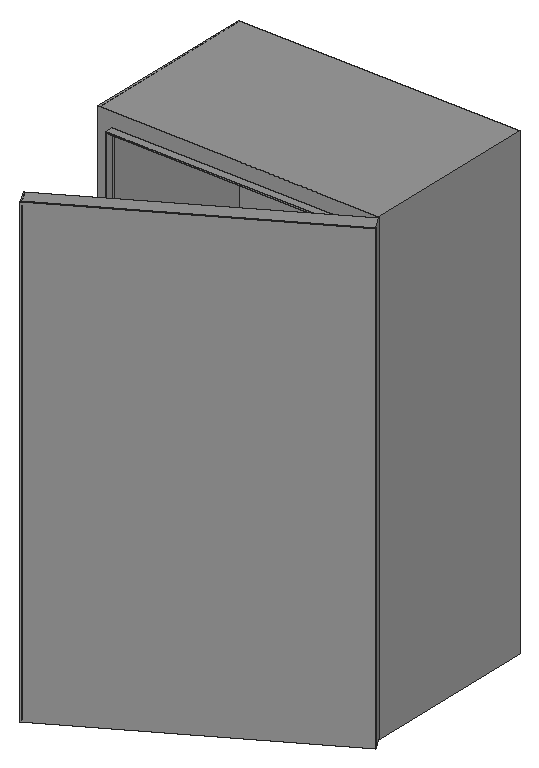
Revit family "Hager-Univers-IP44-D205-Cl.I-enclosure_metering-NoHosted-CH-fr", category Electrical Equipment, Revit 2020
Family settings
  Panel Configuration = Two Columns, Circuits Across
  Round Connector Dimension = Use Diameter
  Part Type = Panelboard
  Work Plane-Based = Yes
  Always vertical = Yes
  Cut with Voids When Loaded = No
  Shared = No
  Room Calculation Point = No
Parameters (values of type "saillie IP44 L300 H500 P205  - ZB011T")
  Width Control [instance] = if([EF000008 - largeur] > Min Width, [EF000008 - largeur], Min Width)  # 300 mm
  Type Comments = [HG000003 - Gamme]  # "Univers"
  Thickness Door [instance] = if([EF009171 - épaisseur de matériau de la porte/du couvercle] > 3 mm, 3 mm, [EF009171 - épaisseur de matériau de la porte/du couvercle])  # 1 mm
  Seal Frame Offset [instance] = 17 mm  # constant formula
  Plinth Visibility [instance] = [HG000027 - Hauteur du socle] > 0 mm  # no
  Min Width [instance] = 100 mm  # constant formula
  Min Depth [instance] = (2 * [EF009170 - épaisseur de matériau du boîtier]) + 1 mm  # 3 mm
  Min Height [instance] = 100 mm  # constant formula
  Internal Frame Depth [instance] = (Door System Depth * 0.5)  # 9 mm
  Panel Name [instance] = ""  # (empty or 0)
  Model = ""
  HG000027 - Hauteur du socle = 0 mm
  HG000026 - Installation au sol = no
  HG000024 - Hauteur de la section basse = 600 mm
  HG000023 - Armoire double section = no
  HG000016 - Visibilité de la porte 3D [instance] = yes
  HG000015 - Visibilité de l'emprise de la porte [instance] = no
  HG000014 - Porte à droite [instance] = yes
  HG000013 - Porte à gauche [instance] = not([HG000014 - Porte à droite])  # no
  HG000012 - Angle de pivotement de la porte [instance] = 30.00°
  HG000010 - Portes asymétriques = no
  HG000009 - Porte à double battant = no
  HG000006 - Encastré = no
  HG000004 - Référence fabricant = "ZB011T"
  HG000003 - Gamme = "Univers"
  HG000002 - avec porte = yes
  Frame Offset Bottom [instance] = 10 mm  # constant formula
  Frame Offset [instance] = 15 mm  # constant formula
  EF015940 - couvercle avec décharge de pression = no
  EF011959 - degré de protection (NEMA) = ""
  EF009554 - nombre d'ouvertures pour plaques à bride = 0
  EF009212 - finition du couvercle = "EV000116 - fermé"
  EF009171 - épaisseur de matériau de la porte/du couvercle = 1 mm
  EF009170 - épaisseur de matériau du boîtier = 1 mm
  EF008873 - courant nominal (In) = 250 A
  EF007800 - adapté à un parafoudre = no
  EF006306 - avec serrure = no
  EF006244 - couvercle/porte transparent(e) = no
  EF005474 - indice de protection (IP) = "EV006418 - IP44"
  EF004464 - type de porte = "EV002646 - unique"
  EF004427 - nombre de modules = 48
  EF004293 - indice de protection contre les chocs (IK) = "EV006815 - IK09"
  EF003532 - convient pour utilisation à l’extérieur = no
  EF002950 - largeur en nombre de modules = 0
  EF001613 - maintien de fonction = "EV000494 - sans"
  EF001596 - matériau du boîtier/corps = "EV000179 - acier"
  EF001131 - profondeur intérieure = 0 mm
  EF001088 - possibilité de montage en saillie = yes
  EF000437 - nombre d'entrées de conduit = 0
  EF000339 - type de capot = "EV004216 - porte"
  EF000266 - nombre de rangées = 4
  EF000218 - profondeur d'encastrement = 0 mm
  EF000118 - avec cadre/support de montage = no
  EF000116 - numéro RAL = "9010"
  EF000049 - profondeur = 205 mm
  EF000040 - hauteur = 500 mm
  EF000008 - largeur = 300 mm
  EF000007 - couleur = "EV000202 - blanc"
  EF000003 - mode de pose = "EV000384 - saillie"
  Door System Leaf Tolerance [instance] = 1.5 mm  # constant formula
  Door System Depth [instance] = 18 mm  # constant formula
  Door Height [instance] = Height Control - [HG000027 - Hauteur du socle]  # 500 mm
  Description = ""
  Default Elevation = 1219.2 mm
  Connector Offset [instance] = Height Control / 2  # 250 mm
  Manufacturer = "Hager"  # constant formula
  Height Control [instance] = if([EF000040 - hauteur] > Min Height, [EF000040 - hauteur], Min Height)  # 500 mm
  Depth Control [instance] = if([EF000049 - profondeur] > Min Depth, [EF000049 - profondeur], Min Depth)  # 205 mm
  Bottom Top Plate Trim [instance] = 1.5 mm  # constant formula
  Plinth height Ctrl [instance] = if([HG000027 - Hauteur du socle] > 0 mm, [HG000027 - Hauteur du socle], 12 mm)  # 12 mm
Types (3, lengths in mm): name | Width Control | HG000004 - Référence fabricant | EF004464 - type de porte | EF004427 - nombre de modules | EF000266 - nombre de rangées | EF000008 - largeur
  saillie IP44 L1050 H500 P205  - ZB014T | 1050 | "ZB014T" | "EV003602 - double" | 144 | 0 | 1050
  saillie IP44 L1300 H500 P205  - ZB015T | 1300 | "ZB015T" | "EV003602 - double" | 180 | 0 | 1300
  saillie IP44 L300 H500 P205  - ZB011T | 300 | "ZB011T" | "EV002646 - unique" | 48 | 4 | 300
Reference planes
  plane 1 "Center (Front/Back)": y = 0
  plane 2: z = 0
  plane 3 "Center (Left/Right)": x = 0
  plane 4: y = 0
  plane 5: y = 0
  plane 6: z = 0
  plane 7: x = -150
  plane 8: x = 150
  plane 9: x = 149
  plane 10: x = -149
  plane 11: z = 0
  plane 12: z = 1
  plane 13: y = -205
  plane 14: y = -1
  plane 15: x = 0
  plane 16: y = -187
  plane 17: y = -204
  plane 18: y = -186
  plane 19: x = -134
  plane 20: x = 134
  plane 21: z = 11
  plane 22: x = -133
  plane 23: x = 133
  plane 24: z = 0
  plane 25: z = 500
  plane 26: z = 500
  plane 27: z = 484
  plane 28: z = 499
Forms (mm)
  Extrusion 1, solid, material "Hager_Steel_RAL7035_Light_Grey", detail levels medium+fine
    sketch origin (-208.679, -4572, 0) x (-1, 0, 0) y (0, -1, 0)
      loop
        line (-58.679, -4385) -> (-358.679, -4385) -> (-358.679, -4572) -> (-58.679, -4572) -> (-58.679, -4385)
    from 0 to 500
  Extrusion 2, void
    sketch origin (-350.771, -205, 1219.2) x (1, 0, 0) y (0, 0, 1)
      loop
        line (201.771, -720.2) -> (201.771, -1218.2) -> (499.771, -1218.2) -> (499.771, -720.2) -> (201.771, -720.2)
    from -19 to -204
  Extrusion 3, void
    sketch origin (-290.084, -187, 1219.2) x (1, 0, 0) y (0, 0, 1)
      loop
        line (156.084, -1208.2) -> (424.084, -1208.2) -> (424.084, -735.2) -> (156.084, -735.2) -> (156.084, -1208.2)
    from 0 to -1
  Extrusion 4, solid, material "Hager_Steel_RAL7035_Light_Grey", visible <- "Plinth Visibility", detail levels medium+fine
    sketch origin (0, 0, 0) x (1, 0, 0) y (0, 1, 0)
      loop
        line (-150, 0) -> (-150, -187) -> (150, -187) -> (150, 0) -> (-150, 0)
    from 0 to 12 <- "Plinth height Ctrl"
  Extrusion 5, solid, material "Hager_Steel_RAL7035_Light_Grey", detail levels coarse
    sketch origin (0, 0, 0) x (1, 0, 0) y (0, 1, 0)
      loop
        line (-150, 0) -> (-150, -205) -> (150, -205) -> (150, 0) -> (-150, 0)
    from 0 to 500 <- "Height Control"
  Sweep 6, void
    path in 3D
      loop
        line (-150, -187, 12) -> (150, -187, 12) -> (150, 0, 12) -> (-150, 0, 12) -> (-150, -187, 12)
    profile origin (-150, -93.5, 12) x (1, 0, 0) y (0, 0, 1)
      loop
        line (0, 0) -> (0, -1.5) -> (1.5, -1.5)
        arc (1.5, -1.5) -> (1.061, -0.439) -> (0, 0) r 1.5
  Extrusion 7, solid, material "Hager_Steel_RAL7035_Light_Grey", detail levels fine
    sketch origin (-150, -187, 0) x (1, 0, 0) y (0, 0, 1)
      loop
        line (16, 11) -> (284, 11) -> (284, 484) -> (16, 484) -> (16, 11)
      loop
        line (15, 10) -> (285, 10) -> (285, 485) -> (15, 485) -> (15, 10)
    from 0 to 9 <- "Internal Frame Depth"
Cuts and joins
  Extrusion 2, Extrusion 3 cuts Extrusion 1
  Sweep 6 cuts Extrusion 4
Lines and regions (mm)
  Masking region 1
    outline origin (0, 0, 0) x (1, 0, 0) y (0, 1, 0)
      loop
        line (-150, 0) -> (-150, -205) -> (150, -205) -> (150, 0) -> (-150, 0)
  Masking region 2, detail levels coarse
    outline origin (-290.084, -187, 1219.2) x (-1, 0, 0) y (0, 0, 1)
      loop
        line (-440.084, -1219.2) -> (-140.084, -1219.2) -> (-140.084, -719.2) -> (-440.084, -719.2) -> (-440.084, -1219.2)
  Masking region 3, detail levels coarse
    outline origin (0, 0, 0) x (0, 1, 0) y (0, 0, 1)
      loop
        line (0, 0) -> (0, 500) -> (-205, 500) -> (-205, 0) -> (0, 0)
  Masking region 4, visible <- "Plinth Visibility", detail levels medium+fine
    outline origin (0, 0, 0) x (0, 1, 0) y (0, 0, 1)
      loop
        line (-1.5, 12) -> (-185.5, 12)
        arc (-185.5, 12) -> (-185.939, 10.939) -> (-187, 10.5) r 1.5
        line (-187, 10.5) -> (-187, 0) -> (0, 0) -> (0, 10.5)
        arc (0, 10.5) -> (-1.061, 10.939) -> (-1.5, 12) r 1.5
  Masking region 5, detail levels medium+fine
    outline origin (0, 0, 594.038) x (0, 1, 0) y (0, 0, 1)
      loop
        line (0, -594.038) -> (0, -94.038) -> (-187, -94.038) -> (-187, -594.038) -> (0, -594.038)
  Masking region 6, detail levels medium+fine
    outline origin (-359.7, -187, 1211.883) x (-1, 0, 0) y (0, 0, 1)
      loop
        line (-509.7, -1211.883) -> (-209.7, -1211.883) -> (-209.7, -711.883) -> (-509.7, -711.883) -> (-509.7, -1211.883)
  Masking region 7, visible <- "Plinth Visibility", detail levels medium+fine
    outline origin (-320.334, -187, 1041.368) x (-1, 0, 0) y (0, 0, 1)
      loop
        line (-470.334, -1041.368) -> (-170.334, -1041.368) -> (-170.334, -1030.868)
        arc (-170.334, -1030.868) -> (-171.394, -1030.429) -> (-171.834, -1029.368) r 1.5
        line (-171.834, -1029.368) -> (-468.834, -1029.368)
        arc (-468.834, -1029.368) -> (-469.273, -1030.429) -> (-470.334, -1030.868) r 1.5
        line (-470.334, -1030.868) -> (-470.334, -1041.368)
  sketch lines
    curve 1: line (-150, 0, 12) -> (-150, -187, 12)
    curve 2: line (-150, -187, 12) -> (150, -187, 12)
    curve 3: line (150, 0, 12) -> (-150, 0, 12)
    curve 4: line (150, -187, 12) -> (150, 0, 12)
Dimensions and locks
  locked: plane 1 "Center (Front/Back)" to plane 5
  "EF009170 - épaisseur de matériau du boîtier": plane 7 to plane 10
  "EF009170 - épaisseur de matériau du boîtier": plane 8 to plane 9
  equal spacing: plane 7, plane 3 "Center (Left/Right)", plane 8
  "Width Control": plane 7 to plane 8
  "Depth Control": plane 4 to plane 13
  "EF009170 - épaisseur de matériau du boîtier": plane 4 to plane 14
  "Height Control": plane 25 to level
  "HG000027 - Hauteur du socle": plane 11 to level
  "EF009170 - épaisseur de matériau du boîtier": plane 12 to plane 11
  "EF009170 - épaisseur de matériau du boîtier": plane 17 to plane 13
  "EF009170 - épaisseur de matériau du boîtier": plane 18 to plane 16
  "Frame Offset Bottom": plane 21 to plane 12
  "Frame Offset": plane 10 to plane 19
  "Frame Offset": plane 9 to plane 20
  "Door System Depth": plane 16 to plane 13
  "Seal Frame Offset": plane 7 to plane 22
  "Seal Frame Offset": plane 8 to plane 23
  "EF009170 - épaisseur de matériau du boîtier": plane 26 to plane 28
  "Frame Offset": plane 28 to plane 27
  "Connector Offset": plane 2 to connector elem
  "Bottom Top Plate Trim": profile plane to Sweep 6 sketch curve
  "Bottom Top Plate Trim": Sweep 6 sketch curve to Sweep 6 sketch curve
  "Plinth height Ctrl": Masking region 4 sketch curve to level
  "Plinth height Ctrl": Masking region 7 sketch curve to level
  "Thickness Door": Extrusion 7 sketch curve to Extrusion 7 sketch curve  (x4)
  "Bottom Top Plate Trim": radius of Sweep 6 sketch curve
  "Bottom Top Plate Trim": radius of Masking region 4 sketch curve  (x2)
  "Bottom Top Plate Trim": radius of Masking region 7 sketch curve  (x2)
  aligned and locked: plane 12 to Extrusion 2 sketch curve
  aligned and locked: Extrusion 2 sketch curve to plane 9
  aligned and locked: Extrusion 2 sketch curve to plane 10
  aligned and locked: plane 14 to Extrusion 2
  aligned and locked: plane 4 to Extrusion 1 sketch curve
  aligned and locked: plane 8 to Extrusion 1 sketch curve
  aligned and locked: plane 7 to Extrusion 1 sketch curve
  aligned and locked: Extrusion 2 to plane 18
  aligned and locked: plane 19 to Extrusion 3 sketch curve
  aligned and locked: plane 20 to Extrusion 3 sketch curve
  aligned and locked: Extrusion 3 to Extrusion 2
  aligned and locked: Extrusion 3 sketch curve to plane 21
  aligned and locked: plane 3 "Center (Left/Right)" to nested 1
  aligned and locked: Extrusion 1 sketch curve to plane 16
  aligned and locked: Extrusion 4 sketch curve to cut or joined group of Extrusion 1, Extrusion 2, Extrusion 3
  aligned and locked: Masking region 1 sketch curve to plane 7
  aligned and locked: Masking region 1 sketch curve to plane 5
  aligned and locked: Masking region 1 sketch curve to plane 8
  aligned and locked: Masking region 2 sketch curve to level
  aligned and locked: level to Masking region 3 sketch curve
  aligned and locked: plane 1 "Center (Front/Back)" to Masking region 3 sketch curve
  aligned and locked: plane 13 to Masking region 3 sketch curve
  aligned and locked: plane 5 to Masking region 4 sketch curve
  aligned and locked: Masking region 2 sketch curve to plane 8
  aligned and locked: Masking region 2 sketch curve to plane 7
  aligned and locked: plane 7 to nested 2
  aligned and locked: nested 2 to plane 5
  aligned and locked: plane 5 to Masking region 5 sketch curve
  aligned and locked: plane 26 to Masking region 5 sketch curve
  aligned and locked: Extrusion 5 sketch curve to plane 8
  aligned and locked: Extrusion 5 sketch curve to plane 7
  aligned and locked: Extrusion 5 sketch curve to plane 5
  aligned and locked: plane 27 to Extrusion 3 sketch curve
  aligned and locked: Extrusion 2 sketch curve to plane 28
  aligned and locked: Masking region 2 to plane 25
  aligned and locked: Extrusion 4 to plane 16
  aligned and locked: profile plane to Sweep 6 sketch curve
  aligned and locked: Masking region 5 sketch curve to plane 24
  aligned and locked: level to Masking region 4 sketch curve
  aligned and locked: Masking region 1 to plane 13
  aligned and locked: nested 1 to plane 16
  aligned and locked: Masking region 3 to plane 25
  aligned and locked: plane 16 to Masking region 4 sketch curve
  aligned and locked: Masking region 5 sketch curve to plane 16
  aligned and locked: plane 24 to plane 11
  aligned and locked: plane 26 to plane 25
  aligned and locked: plane 26 to cut or joined group of Extrusion 1, Extrusion 2, Extrusion 3
  aligned and locked: nested 1 to plane 24
  aligned and locked: Extrusion 1 to Extrusion 3
  aligned and locked: Masking region 6 sketch curve to plane 8
  aligned and locked: plane 24 to Masking region 6 sketch curve
  aligned and locked: Masking region 6 sketch curve to plane 7
  aligned and locked: Masking region 6 sketch curve to plane 26
  aligned and locked: Masking region 7 sketch curve to plane 7
  aligned and locked: level to Masking region 7 sketch curve
  aligned and locked: Masking region 7 sketch curve to plane 8
  aligned and locked: Extrusion 7 sketch curve to cut or joined group of Extrusion 1, Extrusion 2, Extrusion 3  (x4)
Automatic sketch dimensions
  plane 19 to Extrusion 3 sketch curve = 0 mm
  Extrusion 3 sketch curve to plane 20 = 0 mm
  Extrusion 3 sketch curve to plane 21 = 0 mm
  Extrusion 4 sketch curve to plane 7 = 0 mm
  Extrusion 4 sketch curve to plane 8 = 0 mm
  Extrusion 4 sketch curve to plane 16 = 0 mm
  Masking region 1 sketch curve to plane 13 = 0 mm
  Masking region 2 sketch curve to plane 25 = 0 mm
  Masking region 3 sketch curve to plane 25 = 0 mm
  Extrusion 5 sketch curve to plane 13 = 0 mm
  profile plane to Sweep 6 sketch curve = 0 mm
Nested families
  nested 1: "EC000058_Univers_Door" at (0, -187, 0), Double <- "HG000009 - Porte à double battant", Transparent <- "EF006244 - couvercle/porte transparent(e)", Angle <- "HG000012 - Angle de pivotement de la porte", Door_Right <- "HG000014 - Porte à droite", Assymetrical <- "HG000010 - Portes asymétriques", Door <- "HG000002 - avec porte", Width_Ctrl <- "Width Control", 3d_Door <- "HG000016 - Visibilité de la porte 3D", Clearance <- "HG000015 - Visibilité de l'emprise de la porte", Door_Left <- "HG000013 - Porte à gauche", Width <- "Width Control", Door_Depth <- "Door System Depth", Leaf_Tolerance <- "Door System Leaf Tolerance", Height <- "Door Height", Lock_Visibility <- "EF006306 - avec serrure", Thickness <- "Thickness Door", type "EC000058_Univers_Door", detail levels medium+fine
    with min_wh 3 mm, Width_Ctrl 300 mm, Width 300 mm, Transparent no, Thickness 1 mm, Seal_Material Hager_Rubber, Lock_Visibility no, Lock_Material Hager_Plastic_RAL9005_Jet_Black, Leaf_Width 300 mm, Leaf_Tolerance_External_Sides 0 mm, Leaf_Tolerance 1.5 mm, Leaf_Offset 0 mm, Leaf_Height 497 mm, Leaf_2_Width 300 mm, Leaf_2_Offset 150 mm, Leaf_1_Width 300 mm, Leaf_1_Offset 150 mm, Height_Ctrl 500 mm, Height 500 mm, Glass_Material Hager_Glass, Double_Clearance_Ctrl no, Double no, Door_Right_Ctrl yes, Door_Right yes, Door_Material Hager_Steel_RAL7035_Light_Grey, Door_Left_Ctrl no, Door_Left no, Door_Depth 18 mm, Door yes, Clearance_Material Hager_Clearance, Clearance_Depth 300 mm, Clearance_Ctrl no, Clearance no, Assymetrical no, Angle 30.00°, 3d_Door yes
  nested 2: "Hager_Enclosure_Symbol" at (-150, 0, 0), Height <- "Depth Control", Width <- "Width Control", type "Hager_Enclosure_Symbol"
    with Width_Ctrl 300 mm, Width 300 mm, Height_Ctrl 205 mm, Height 205 mm, A_Width_Int 13.453 mm, A_Width 161.438 mm, A_Height_Ctrl 179.375 mm, A_Height 179.375 mm
Connectors
  electrical at (0, 0, 250)
    settings: on plane 1 "Center (Front/Back)", index 1, voltage 0 V, apparent load 0 VA, apparent load phase1 0 VA, apparent load phase2 0 VA, apparent load phase3 0 VA, power factor 1, load classification "Other", number of poles 1, system type 30, power factor state 1, is connector primary yes, connector utility no, sub classification motor no, connector description ""
Definition of nested family "EC000058_Univers_Door"
  Parameters (values of type "EC000058_Univers_Door")
    min_wh [instance] = (2 * Thickness) + 1 mm  # 11 mm
    Width_Ctrl [instance] = 400 mm
    Width [instance] = 500 mm
    Transparent [instance] = yes
    Thickness [instance] = 5 mm
    Seal_Material [instance] = none
    Lock_Visibility [instance] = yes
    Lock_Material [instance] = none
    Leaf_Width [instance] = if((Width_Ctrl - 2 * Leaf_Tolerance_External_Sides) > 0 mm, (Width_Ctrl - 2 * Leaf_Tolerance_External_Sides), min_wh)  # 400 mm
    Leaf_Tolerance_External_Sides [instance] = 0 mm  # constant formula
    Leaf_Tolerance [instance] = 1.5 mm
    Leaf_Offset [instance] = 0 mm  # constant formula
    Leaf_Height [instance] = if((Height_Ctrl - 2 * Leaf_Tolerance) > 0 mm, (Height_Ctrl - 2 * Leaf_Tolerance), min_wh)  # 497 mm
    Leaf_2_Width [instance] = if(and(and(Double, Assymetrical), Door_Left), (Leaf_Width / 3) - (Leaf_Tolerance / 2), if(and(and(Double, Assymetrical), Door_Right), (Leaf_Width / 3) * 2 - (Leaf_Tolerance / 2), if(and(Double, not(Assymetrical)), (Leaf_Width / 2) - Leaf_Tolerance, Leaf_Width)))  # 400 mm
    Leaf_2_Offset [instance] = if(and(Double, Assymetrical), Leaf_2_Width / 2, if(and(Double, not(Assymetrical)), Leaf_Width / 4, Leaf_Width / 2))  # 200 mm
    Leaf_1_Width [instance] = if(and(and(Double, Assymetrical), Door_Right), (Leaf_Width / 3) - (Leaf_Tolerance / 2), if(and(and(Double, Assymetrical), Door_Left), (Width / 3) * 2 - (Leaf_Tolerance / 2), if(and(Double, not(Assymetrical)), (Leaf_Width / 2) - Leaf_Tolerance, Leaf_Width)))  # 400 mm
    Leaf_1_Offset [instance] = if(and(Double, Assymetrical), Leaf_1_Width / 2, if(and(Double, not(Assymetrical)), Leaf_Width / 4, Leaf_Width / 2))  # 200 mm
    Height_Ctrl [instance] = if(Height > min_wh, Height, min_wh)  # 500 mm
    Height [instance] = 500 mm
    Glass_Material [instance] = none
    Double_Clearance_Ctrl [instance] = and(Double, Clearance)  # no
    Double [instance] = no
    Door_Right_Ctrl [instance] = and(or(Door_Right, Double), Door)  # yes
    Door_Right [instance] = yes
    Door_Material [instance] = none
    Door_Left_Ctrl [instance] = and(or(Door_Left, Double), Door)  # no
    Door_Left [instance] = no
    Door_Depth [instance] = 30 mm
    Door [instance] = yes
    Default Elevation = 1219.2 mm
    Clearance_Material [instance] = none
    Clearance_Depth [instance] = if(Leaf_1_Width > Leaf_2_Width, Leaf_1_Width, Leaf_2_Width)  # 400 mm
    Clearance_Ctrl [instance] = and(not(Double), Clearance)  # yes
    Clearance [instance] = yes
    Assymetrical [instance] = yes
    Angle [instance] = 30.00°
    3d_Door [instance] = yes
  Reference planes
    plane 1 "Center (Front/Back)": y = 0
    plane 2 "Bottom": z = 0
    plane 3 "Center (Left/Right)": x = 0
    plane 4: z = 500
    plane 5: x = -200
    plane 6: x = 200
    plane 7: z = 500
    plane 8: x = -200
    plane 9: z = 0
    plane 10: x = 200
    plane 11: y = 0
    plane 12: z = 1.5
    plane 13: x = -600
    plane 14: y = -400
    plane 15: x = 600
    plane 16: x = 0
    plane 17: x = 0
    plane 18: x = -200
    plane 19: x = 200
    plane 20: z = 498.5
  Forms (mm)
    Extrusion 1, solid, material <- "Clearance_Material", visible <- "Double_Clearance_Ctrl"
      sketch origin (1200, 0, 0) x (1, 0, 0) y (0, 0, -1)
        loop
          line (-1800, -498.5) -> (-600, -498.5) -> (-600, 0) -> (-1800, 0) -> (-1800, -498.5)
      from 0 to -400
  Dimensions and locks
    equal spacing: plane 5, plane 3 "Center (Left/Right)", plane 6
    "Width_Ctrl": plane 5 to plane 6
    "Leaf_Offset": plane 5 to plane 8
    "Leaf_Offset": plane 6 to plane 10
    "Leaf_Offset": plane 9 to level
    "Leaf_Offset": plane 4 to plane 7
    "Height_Ctrl": plane 4 to level
    "Leaf_Tolerance": plane 12 to plane 9
    locked: plane 11 to plane 1 "Center (Front/Back)"
    "Leaf_1_Offset": plane 18 to plane 16
    "Leaf_2_Offset": plane 17 to plane 19
    "Leaf_1_Width": plane 13 to plane 8
    "Leaf_2_Width": plane 10 to plane 15
    "Clearance_Depth": plane 14 to plane 1 "Center (Front/Back)"
    "Leaf_Tolerance_External_Sides": plane 8 to plane 18
    "Leaf_Tolerance_External_Sides": plane 19 to plane 10
    "Leaf_Tolerance": plane 7 to plane 20
    aligned and locked: level to plane 2 "Bottom"
    aligned and locked: nested 1 to plane 16
    aligned and locked: nested 2 to plane 17
    aligned and locked: Extrusion 1 to plane 13
    aligned and locked: plane 15 to Extrusion 1
    aligned and locked: Extrusion 1 to plane 14
    aligned and locked: plane 12 to nested 1
    aligned and locked: nested 2 to plane 12
    aligned and locked: Extrusion 1 to plane 11
    aligned and locked: plane 20 to Extrusion 1
    aligned and locked: nested 2 to plane 11
    aligned and locked: nested 1 to plane 11
  Automatic sketch dimensions
    Extrusion 1 sketch curve to level = 0 mm
    plane 5 to Extrusion 1 sketch curve = 400 mm
    plane 6 to Extrusion 1 sketch curve = 400 mm
    Extrusion 1 sketch curve to plane 4 = 1.5 mm
  Nested families
    nested 1: "EC000058_Univers_Door_Leaf" at (0, 0, 1.5), Width <- "Leaf_1_Width", visible <- "Door_Left_Ctrl", Leaf_Height <- "Leaf_Height", Angle <- "Angle", 3d_Door <- "3d_Door", Transparent <- "Transparent", Clearance Material <- "Clearance_Material", Clearance <- "Clearance_Ctrl", Door_Material <- "Door_Material", Glass_Material <- "Glass_Material", Door_Depth <- "Door_Depth", Lock_Material <- "Lock_Material", Seal_Material <- "Seal_Material", Lock_Visibility <- "Lock_Visibility", Thickness <- "Thickness", type "EC000058_Univers_Door_Leaf"
      with Width 400 mm, Transparent_Glass_Offset 30 mm, Transparent_Ctrl yes, Transparent yes, Thickness 5 mm, Standard no, Seal_Material none, Seal_D2 8 mm, Seal_D1 1 mm, Offset_Internal_Frame 10 mm, Lock_Width 20 mm, Lock_Visibility_3d yes, Lock_Visibility yes, Lock_Thickness_3 3 mm, Lock_Thickness_2 1 mm, Lock_Thickness_1 3 mm, Lock_Radius_Offset_2 16 mm, Lock_Radius_Offset_1 15 mm, Lock_Radius_2 5 mm, Lock_Radius 6 mm, Lock_Offset 5 mm, Lock_Material none, Lock_Height 80 mm, Lock_Cover_Top_Offset_2d 17 mm, Lock_Cover_Height -65 mm, Leaf_Height 497 mm, Internal_Seal_Thickness 8 mm, Internal_Seal_Depth_2 4.5 mm, Internal_Frame_Depth 25 mm, Glass_Thickness -1 mm, Glass_Offset -2 mm, Glass_Material none, Door_Material none, Door_Depth 30 mm, Clearance Material none, Clearance yes, Angle_Ctrl 30.00°, Angle 30.00°, 3d_Door yes
    nested 2: "EC000058_Univers_Door_Leaf" at (0, 0, 1.5) x (-1, 0, 0) z (0, 0, 1), Width <- "Leaf_2_Width", visible <- "Door_Right_Ctrl", Leaf_Height <- "Leaf_Height", Angle <- "Angle", 3d_Door <- "3d_Door", Transparent <- "Transparent", Clearance Material <- "Clearance_Material", Clearance <- "Clearance_Ctrl", Door_Material <- "Door_Material", Glass_Material <- "Glass_Material", Door_Depth <- "Door_Depth", Lock_Material <- "Lock_Material", Seal_Material <- "Seal_Material", Lock_Visibility <- "Lock_Visibility", Thickness <- "Thickness", type "EC000058_Univers_Door_Leaf"
      with Width 400 mm, Transparent_Glass_Offset 30 mm, Transparent_Ctrl yes, Transparent yes, Thickness 5 mm, Standard no, Seal_Material none, Seal_D2 8 mm, Seal_D1 1 mm, Offset_Internal_Frame 10 mm, Lock_Width 20 mm, Lock_Visibility_3d yes, Lock_Visibility yes, Lock_Thickness_3 3 mm, Lock_Thickness_2 1 mm, Lock_Thickness_1 3 mm, Lock_Radius_Offset_2 16 mm, Lock_Radius_Offset_1 15 mm, Lock_Radius_2 5 mm, Lock_Radius 6 mm, Lock_Offset 5 mm, Lock_Material none, Lock_Height 80 mm, Lock_Cover_Top_Offset_2d 17 mm, Lock_Cover_Height -65 mm, Leaf_Height 497 mm, Internal_Seal_Thickness 8 mm, Internal_Seal_Depth_2 4.5 mm, Internal_Frame_Depth 25 mm, Glass_Thickness -1 mm, Glass_Offset -2 mm, Glass_Material none, Door_Material none, Door_Depth 30 mm, Clearance Material none, Clearance yes, Angle_Ctrl 30.00°, Angle 30.00°, 3d_Door yes
  Definition of nested family "EC000058_Univers_Door_Leaf"
    Parameters (values of type "EC000058_Univers_Door_Leaf")
      Width [instance] = 2000 mm
      Transparent_Glass_Offset [instance] = 30 mm
      Transparent_Ctrl [instance] = and(Transparent, [3d_Door])  # yes
      Transparent [instance] = yes
      Thickness [instance] = 5 mm
      Standard [instance] = and(not(Transparent), [3d_Door])  # no
      Seal_Material [instance] = none
      Seal_D2 [instance] = 8 mm  # constant formula
      Seal_D1 [instance] = 1 mm  # constant formula
      Offset_Internal_Frame [instance] = 10 mm  # constant formula
      Lock_Width [instance] = 20 mm  # constant formula
      Lock_Visibility_3d [instance] = and(Lock_Visibility, [3d_Door])  # yes
      Lock_Visibility [instance] = yes
      Lock_Thickness_3 [instance] = 3 mm  # constant formula
      Lock_Thickness_2 [instance] = 1 mm  # constant formula
      Lock_Thickness_1 [instance] = 3 mm  # constant formula
      Lock_Radius_Offset_2 [instance] = Lock_Radius_Offset_1 + 1 mm  # 16 mm
      Lock_Radius_Offset_1 [instance] = 15 mm  # constant formula
      Lock_Radius_2 [instance] = Lock_Radius - 1 mm  # 5 mm
      Lock_Radius [instance] = 6 mm  # constant formula
      Lock_Offset [instance] = 5 mm  # constant formula
      Lock_Material [instance] = none
      Lock_Height [instance] = 80 mm  # constant formula
      Lock_Cover_Top_Offset_2d [instance] = Lock_Radius_Offset_2 + 1 mm  # 17 mm
      Lock_Cover_Height [instance] = -(Lock_Height - Lock_Radius_Offset_1)  # -65 mm
      Leaf_Height [instance] = 2720.336 mm
      Internal_Seal_Thickness [instance] = 8 mm  # constant formula
      Internal_Seal_Depth_2 [instance] = 4.5 mm  # constant formula
      Internal_Frame_Depth [instance] = if(Door_Depth - Thickness > 5 mm, Door_Depth - Thickness, 5 mm)  # 25 mm
      Glass_Thickness [instance] = if(Thickness > 15 mm, Glass_Offset + 10 mm, -1 mm)  # -1 mm
      Glass_Offset [instance] = if(Thickness > 15 mm, -(Thickness + 10 mm) / 2, -2 mm)  # -2 mm
      Glass_Material [instance] = none
      Door_Material [instance] = none
      Door_Depth [instance] = 30 mm
      Default Elevation = 0 mm
      Clearance Material [instance] = none
      Clearance [instance] = yes
      Angle_Ctrl [instance] = if(Angle > 180.00°, 180.00°, Angle)  # 90.00°
      Angle [instance] = 90.00°
      3d_Door [instance] = yes
    Reference planes
      plane 1 "Center (Front/Back)": y = 0
      plane 2: z = 0
      plane 3 "Center (Left/Right)": x = 0
      plane 4: y = 2000
      plane 5: x = -1000
      plane 6: x = 1000
      plane 7: x = -3000
      plane 8: z = 2720.336
      plane 9: z = 30
      plane 10: z = 2690.336
      plane 11: x = 970
      plane 12: x = -970
      plane 13: y = -3
      plane 14: z = 107.833
      plane 15: y = -5
      plane 16: y = -223.314
      plane 17: x = -1000
      plane 18: z = 1360.168
      plane 19: y = 30
    Forms (mm)
      Extrusion 1, solid, material <- "Clearance Material", visible <- "Clearance"
        sketch origin (0, 0, 0) x (1, 0, 0) y (0, 0, 1)
          loop
            line (-3000, 2720.336) -> (-3000, 0) -> (1000, 0) -> (1000, 2720.336) -> (-3000, 2720.336)
        from 0 to -2000
      Extrusion 2, solid, material <- "Door_Material", visible <- "Standard", detail levels medium+fine
        sketch origin (-1000, 0, 0) x (0, 1, 0) y (-1, 0, 0)
          loop
            line (0, 30) -> (0, 25) -> (2000, 25) -> (2000, 30) -> (0, 30)
        from 0 to 2720.336 <- "Leaf_Height"
      Extrusion 3, solid, material <- "Door_Material", visible <- "Transparent_Ctrl", detail levels medium+fine
        sketch origin (-1000, 0, 0) x (0, 1, 0) y (-1, 0, 0)
          loop
            line (0, 25) -> (2000, 25) -> (2000, 30) -> (0, 30) -> (0, 25)
        from 0 to 2720.336 <- "Leaf_Height"
      Extrusion 4, void
        sketch origin (-1025, 2000, 0) x (0, 1, 0) y (0, 0, -1)
          loop
            line (-30, -2690.336) -> (-30, -30) -> (-1970, -30) -> (-1970, -2690.336) -> (-30, -2690.336)
        from 0 to 5 <- "Thickness"
      Sweep 5, solid, material <- "Seal_Material", visible <- "Transparent_Ctrl", detail levels fine
        path in 3D
          loop
            line (-1025, 30, 30) -> (-1025, 30, 2690.336) -> (-1025, 1970, 2690.336) -> (-1025, 1970, 30) -> (-1025, 30, 30)
        profile origin (-1025, 1000, 30) x (1, 0, 0) y (0, 0, 1)
          loop
            line (0, 0) -> (0, -8) -> (1, -8) -> (1, 0) -> (0, 0)
      Extrusion 6, solid, material <- "Glass_Material", visible <- "Transparent_Ctrl", detail levels medium+fine
        sketch origin (-1030, 0, 0) x (0, 1, 0) y (0, 0, -1)
          loop
            line (1970, -2690.336) -> (1970, -30) -> (30, -30) -> (30, -2690.336) -> (1970, -2690.336)
        from -2 <- "Glass_Offset" to -1 <- "Glass_Thickness"
      Extrusion 7, solid, material <- "Door_Material", visible <- "3d_Door", detail levels medium+fine
        sketch origin (-1025, 2000, 0) x (0, -1, 0) y (0, 0, -1)
          loop
            line (0, -2720.336) -> (2000, -2720.336) -> (2000, 0) -> (0, 0) -> (0, -2720.336)
          loop
            line (1995, -5) -> (5, -5) -> (5, -2715.336) -> (1995, -2715.336) -> (1995, -5)
        from 0 to 25 <- "Internal_Frame_Depth"
      Sweep 8, solid, material <- "Seal_Material", visible <- "Transparent_Ctrl", detail levels fine
        path in 3D
          loop
            line (-1025, 0, 0) -> (-1025, 2000, 0) -> (-1025, 2000, 2720.336) -> (-1025, 0, 2720.336) -> (-1025, 0, 0)
        profile origin (-1025, 0, 1360.168) x (1, 0, 0) y (0, 1, 0)
          loop
            line (0, 10) -> (2.975, 10)
            arc (2.975, 10) -> (4.053, 10.447) -> (4.5, 11.525) r 1.525
            line (4.5, 11.525) -> (4.5, 16.527)
            arc (4.5, 16.527) -> (4.069, 17.569) -> (3.027, 18) r 1.473
            line (3.027, 18) -> (0, 18) -> (0, 10)
      Extrusion 9, solid, material <- "Lock_Material", visible <- "Lock_Visibility_3d", detail levels fine
        sketch origin (-1030, 0, 0) x (0, 1, 0) y (0, 0, -1)
          loop
            arc (1993.5, -1400.168) -> (1994.561, -1399.729) -> (1995, -1398.668) r 1.5
            line (1995, -1398.668) -> (1995, -1320.168) -> (1975, -1320.168) -> (1975, -1398.668)
            arc (1975, -1398.668) -> (1975.439, -1399.729) -> (1976.5, -1400.168) r 1.5
            line (1976.5, -1400.168) -> (1993.5, -1400.168)
        from 3 <- "Lock_Thickness_1" to 0
      Blend 10, solid, material <- "Lock_Material", visible <- "Lock_Visibility_3d", detail levels fine
        base sketch origin (-1033, 0, 0) x (0, 1, 0) y (0, 0, -1)
          loop
            line (1975, -1320.168) -> (1975, -1398.668)
            arc (1975, -1398.668) -> (1975.439, -1399.729) -> (1976.5, -1400.168) r 1.5
            line (1976.5, -1400.168) -> (1993.5, -1400.168)
            arc (1993.5, -1400.168) -> (1994.561, -1399.729) -> (1995, -1398.668) r 1.5
            line (1995, -1398.668) -> (1995, -1320.168) -> (1975, -1320.168)
        top sketch origin (-1033, 0, 0) x (0, 1, 0) y (0, 0, -1)
          loop
            line (1976, -1320.168) -> (1976, -1398.668)
            arc (1976, -1398.668) -> (1976.146, -1399.022) -> (1976.5, -1399.168) r 0.5
            line (1976.5, -1399.168) -> (1993.5, -1399.168)
            arc (1993.5, -1399.168) -> (1993.854, -1399.022) -> (1994, -1398.668) r 0.5
            line (1994, -1398.668) -> (1994, -1320.168) -> (1976, -1320.168)
        from 0 to 1 <- "Lock_Thickness_2"
      Blend 11, solid, material <- "Lock_Material", visible <- "Lock_Visibility_3d", detail levels fine
        base sketch origin (-1034, 0, 0) x (0, 1, 0) y (0, 0, -1)
          loop
            line (1978, -1320.168) -> (1978, -1384.168)
            arc (1978, -1384.168) -> (1985, -1391.168) -> (1992, -1384.168) r 7
            line (1992, -1384.168) -> (1992, -1320.168) -> (1978, -1320.168)
        top sketch origin (-1034, 0, 0) x (0, 1, 0) y (0, 0, -1)
          loop
            line (1991, -1320.168) -> (1979, -1320.168) -> (1979, -1383.168)
            arc (1979, -1383.168) -> (1985, -1389.168) -> (1991, -1383.168) r 6
            line (1991, -1383.168) -> (1991, -1320.168)
        from 0 to 3 <- "Lock_Thickness_3"
      Extrusion 12, solid, material <- "Lock_Material", visible <- "Lock_Visibility_3d", detail levels fine
        sketch origin (-1030, 1975, 1320.168) x (1, 0, 0) y (0, -1, 0)
          loop
            line (-7, -19) -> (-7, -1) -> (0, -1) -> (0, 0) -> (-8, 0) -> (-8, -20) -> (0, -20) -> (0, -19) -> (-7, -19)
        from 0 to -65 <- "Lock_Cover_Height"
      Extrusion 13, void
        sketch origin (-1038, 1995, 1320.168) x (-1, 0, 0) y (0, 0, -1)
          loop
            line (-5, -65) -> (0, -65) -> (-5, -60) -> (-5, -65)
        from 0 to 20 <- "Lock_Width"
      Extrusion 14, void
        sketch origin (-1038, 1975, 1320.168) x (0, -1, 0) y (0, 0, -1)
          loop
            circle (-10, -15.995) r 6
          loop
            circle (-10, -15.995) r 5
        from 0 to 2
      Extrusion 15, solid, material <- "Lock_Material", visible <- "Lock_Visibility_3d", detail levels medium
        sketch origin (-1030, 0, 0) x (0, 1, 0) y (0, 0, -1)
          loop
            arc (1993.5, -1400.168) -> (1994.561, -1399.729) -> (1995, -1398.668) r 1.5
            line (1995, -1398.668) -> (1995, -1320.168) -> (1975, -1320.168) -> (1975, -1398.668)
            arc (1975, -1398.668) -> (1975.439, -1399.729) -> (1976.5, -1400.168) r 1.5
            line (1976.5, -1400.168) -> (1993.5, -1400.168)
        from 8 to 0
    Cuts and joins
      Extrusion 4 cuts Extrusion 3
      Extrusion 13, Extrusion 14 cuts Extrusion 9
      Extrusion 14 cuts Blend 11
      Extrusion 13, Extrusion 14 cuts Extrusion 12
      joined: Extrusion 9, Blend 10, Blend 11, Extrusion 12
      Extrusion 14 cuts Extrusion 15
    Lines and regions (mm)
      Masking region 1, visible <- "Lock_Visibility", detail levels fine
        outline origin (0, 0, 0) x (0, 1, 0) y (0, 0, 1)
          loop
            line (30, 1320.168) -> (33, 1320.168) -> (33, 1400.168) -> (30, 1400.168) -> (30, 1320.168)
      Masking region 2, visible <- "Lock_Visibility", detail levels fine
        outline origin (0, 3.143, 0) x (0, 1, 0) y (0, 0, 1)
          loop
            line (29.857, 1354.168) -> (30.857, 1354.168) -> (30.857, 1366.168) -> (29.857, 1366.168) -> (29.857, 1354.168)
      Masking region 3, detail levels medium+fine
        outline origin (0, 0, 0) x (0, 1, 0) y (0, 0, 1)
          loop
            line (0, 0) -> (30, 0) -> (30, 2720.336) -> (0, 2720.336) -> (0, 0)
      Masking region 4, detail levels medium+fine
        outline origin (0, 0, 0) x (1, 0, 0) y (0, 0, 1)
          loop
            line (-1000, 2720.336) -> (-1000, 0) -> (1000, 0) -> (1000, 2720.336) -> (-1000, 2720.336)
      Masking region 5, visible <- "Lock_Visibility", detail levels fine
        outline origin (-47.116, 0, 0) x (1, 0, 0) y (0, 0, 1)
          loop
            arc (1024.616, 1399.168) -> (1023.556, 1398.729) -> (1023.116, 1397.668) r 1.5
            line (1023.116, 1397.668) -> (1023.116, 1320.168) -> (1041.116, 1320.168) -> (1041.116, 1397.668)
            arc (1041.116, 1397.668) -> (1040.677, 1398.729) -> (1039.616, 1399.168) r 1.5
            line (1039.616, 1399.168) -> (1024.616, 1399.168)
      Masking region 6, visible <- "Lock_Visibility", detail levels medium+fine
        outline origin (-25, 0, 0) x (1, 0, 0) y (0, 0, 1)
          loop
            arc (1001.5, 1400.168) -> (1000.439, 1399.729) -> (1000, 1398.668) r 1.5
            line (1000, 1398.668) -> (1000, 1320.168) -> (1020, 1320.168) -> (1020, 1398.668)
            arc (1020, 1398.668) -> (1019.561, 1399.729) -> (1018.5, 1400.168) r 1.5
            line (1018.5, 1400.168) -> (1001.5, 1400.168)
      Masking region 7, visible <- "Lock_Visibility", detail levels fine
        outline origin (-73.735, 0, 0) x (1, 0, 0) y (0, 0, 1)
          loop
            line (1051.735, 1382.168) -> (1065.735, 1382.168) -> (1065.735, 1384.168)
            arc (1065.735, 1384.168) -> (1058.735, 1391.168) -> (1051.735, 1384.168) r 7
            line (1051.735, 1384.168) -> (1051.735, 1382.168)
      Masking region 8, visible <- "Lock_Visibility", detail levels fine
        outline origin (-73.735, 0, 0) x (1, 0, 0) y (0, 0, 1)
          loop
            line (1052.735, 1382.168) -> (1064.735, 1382.168) -> (1064.735, 1383.168)
            arc (1064.735, 1383.168) -> (1058.735, 1389.168) -> (1052.735, 1383.168) r 6
            line (1052.735, 1383.168) -> (1052.735, 1382.168)
      Masking region 9, visible <- "Lock_Visibility", detail levels fine
        outline origin (-25, 0, 0) x (1, 0, 0) y (0, 0, 1)
          loop
            line (1020, 1320.168) -> (1020, 1382.168) -> (1000, 1382.168) -> (1000, 1320.168) -> (1020, 1320.168)
      Masking region 10, detail levels medium+fine
        outline origin (0, 0, 0) x (1, 0, 0) y (0, 0, 1)
          loop
            circle (985, 1335.144) r 6
      Masking region 11, detail levels fine
        outline origin (0, 0, 0) x (1, 0, 0) y (0, 0, 1)
          loop
            circle (985, 1335.144) r 5
      Masking region 12, visible <- "Lock_Visibility", detail levels fine
        outline origin (0, 12.767, 0) x (0, 1, 0) y (0, 0, 1)
          loop
            line (20.233, 1320.168) -> (21.233, 1320.168) -> (21.233, 1399.168) -> (20.233, 1400.168) -> (20.233, 1320.168)
      Masking region 13, visible <- "Lock_Visibility", detail levels fine
        outline origin (0, 13.767, -10) x (0, 1, 0) y (0, 0, 1)
          loop
            line (20.233, 1330.168) -> (23.233, 1330.168) -> (23.233, 1399.168) -> (20.233, 1402.168) -> (20.233, 1330.168)
      Masking region 14, visible <- "Lock_Visibility", detail levels fine
        outline origin (0, 12.767, -10) x (0, 1, 0) y (0, 0, 1)
          loop
            line (20.233, 1330.168) -> (25.233, 1330.168) -> (25.233, 1399.305) -> (20.233, 1394.305) -> (20.233, 1330.168)
      Masking region 15, visible <- "Lock_Visibility", detail levels medium
        outline origin (0, 0, 0) x (0, 1, 0) y (0, 0, 1)
          loop
            line (30, 1320.168) -> (38, 1320.168) -> (38, 1400.168) -> (30, 1400.168) -> (30, 1320.168)
      Masking region 16, visible <- "Lock_Visibility", detail levels fine
        outline origin (-1000, 0, 0) x (0, 1, 0) y (-1, 0, 0)
          loop
            line (1975, 30) -> (1995, 30) -> (1995, 38) -> (1975, 38) -> (1975, 30)
          loop
            line (1979, 37) -> (1976, 37) -> (1976, 34) -> (1978, 34) -> (1979, 37)
          loop
            line (1994, 37) -> (1991, 37) -> (1992, 34) -> (1994, 34) -> (1994, 37)
      Masking region 17, visible <- "Lock_Visibility", detail levels medium
        outline origin (-1000, 0, 0) x (0, 1, 0) y (-1, 0, 0)
          loop
            line (1975, 30) -> (1995, 30) -> (1995, 38) -> (1975, 38) -> (1975, 30)
      symbolic lines
        curve 1: line (1000, 0, 0) -> (-3000, 0, 0)
        curve 2: arc (1000, 0, 0) -> (-1000, 2000, 0) -> (-3000, 0, 0) r 2000
        curve 4: line (-1030, 0, 0) -> (-1030, 2000, 0)
      reference lines
        curve 3: line (-1000, 0, 0) -> (-1000, 2000, 0)
      symbolic lines, detail levels medium+fine
        curve 5: line (-1030, 2000, 0) -> (-1025, 2000, 0)
        curve 7: line (-1025, 0, 0) -> (-1030, 0, 0)
        curve 8: line (-1025, 0, 0) -> (-1000, 0, 0)
        curve 9: line (-1000, 0, 0) -> (-1000, 2000, 0)
        curve 10: line (-1000, 2000, 0) -> (-1025, 2000, 0)
      symbolic lines, detail levels fine
        curve 6: line (-1025, 2000, 0) -> (-1025, 0, 0)
      sketch lines
        curve 11: line (-1025, 0, 2720.336) -> (-1025, 0, 0)
        curve 12: line (-1025, 2000, 0) -> (-1025, 0, 0)
        curve 13: line (-1025, 2000, 2720.336) -> (-1025, 2000, 0)
        curve 14: line (-1025, 0, 2720.336) -> (-1025, 2000, 2720.336)
        curve 15: line (-1025, 1970, 30) -> (-1025, 30, 30)
        curve 16: line (-1025, 30, 30) -> (-1025, 30, 2690.336)
        curve 17: line (-1025, 1970, 2690.336) -> (-1025, 1970, 30)
        curve 18: line (-1025, 30, 2690.336) -> (-1025, 1970, 2690.336)
      symbolic lines, visible <- "Transparent", detail levels medium+fine
        curve 19: line (-970, 0, 2690.336) -> (970, 0, 2690.336)
        curve 20: line (-970, 0, 30) -> (-970, 0, 2690.336)
        curve 21: line (970, 0, 30) -> (-970, 0, 30)
        curve 22: line (970, 0, 2690.336) -> (970, 0, 30)
    Dimensions and locks
      "Width": plane 1 "Center (Front/Back)" to plane 4
      equal spacing: plane 5, plane 3 "Center (Left/Right)", plane 6
      "Width": plane 5 to plane 6
      "Width": plane 7 to plane 5
      "Leaf_Height": plane 8 to level
      "Width": curve 5 to curve 3
      "Width": curve 3 to curve 3
      plane 8 to plane 10 = 30 mm
      plane 9 to level = 30 mm
      plane 12 to plane 5 = 30 mm
      plane 6 to plane 11 = 30 mm
      Extrusion 1 to Extrusion 4 sketch curve = 30 mm
      "Transparent_Glass_Offset": curve 3 to Extrusion 4 sketch curve
      "Transparent_Glass_Offset": Extrusion 4 sketch curve to cut or joined group of Extrusion 3, Extrusion 4  (x2)
      cut or joined group of Extrusion 3, Extrusion 4 to Extrusion 6 sketch curve = 30 mm
      "Transparent_Glass_Offset": cut or joined group of Extrusion 3, Extrusion 4 to Extrusion 4 sketch curve
      "Thickness": curve 6 to curve 4
      "Thickness": Extrusion 7 sketch curve to Extrusion 7 sketch curve  (x4)
      "Door_Depth": curve 4 to curve 3
      "Offset_Internal_Frame": profile plane to Sweep 8 sketch curve
      "Internal_Seal_Thickness": Sweep 8 sketch curve to Sweep 8 sketch curve
      "Internal_Seal_Depth_2": profile plane to Sweep 8 sketch curve
      "Seal_D1": profile plane to Sweep 5 sketch curve
      "Seal_D2": profile plane to Sweep 5 sketch curve
      "Thickness": Extrusion 2 sketch curve to Extrusion 2 sketch curve
      equal spacing: Extrusion 9 sketch curve, plane 18, Extrusion 9 sketch curve  (x2)
      equal spacing: Masking region 1 sketch curve, plane 18, Masking region 1 sketch curve
      "Lock_Height": Masking region 1 sketch curve to Masking region 1 sketch curve
      "Lock_Radius": Masking region 2 sketch curve to plane 18 to Masking region 2 sketch curve
      Masking region 2 sketch curve to Masking region 1 = 1 mm
      "Door_Depth": plane 19 to plane 1 "Center (Front/Back)"
      "Lock_Thickness_1": Masking region 1 sketch curve to plane 19
      "Lock_Width": Extrusion 9 sketch curve to Extrusion 9 sketch curve
      "Lock_Height": Extrusion 9 sketch curve to Extrusion 9 sketch curve
      "Lock_Offset": cut or joined group of Extrusion 3, Extrusion 4 to Extrusion 9 sketch curve
      equal spacing: plane 8, plane 18, level
      "Lock_Radius_Offset_1": Blend 11 sketch curve to Blend 10
      locked: Blend 10 to Blend 11 sketch curve at 2  (x2)
      locked: var sketch to Blend 11 sketch curve at 1  (x2)
      "Lock_Radius_Offset_2": Blend 11 sketch curve to Blend 10
      locked: Extrusion 12 sketch curve to Extrusion 12 sketch curve at 1  (x3)
      Masking region 6 sketch curve to Masking region 6 sketch curve = 80 mm
      "Lock_Height": Masking region 6 sketch curve to Masking region 6 sketch curve
      "Lock_Width": Masking region 6 sketch curve to Masking region 6 sketch curve
      locked: Masking region 6 to Masking region 5 sketch curve at 1  (x3)
      locked: Masking region 5 to Masking region 7 sketch curve at 2  (x2)
      "Lock_Radius_Offset_1": Masking region 5 to Masking region 7 sketch curve
      "Lock_Radius_Offset_2": Masking region 5 to Masking region 8 sketch curve
      locked: Masking region 7 to Masking region 8 sketch curve at 1  (x2)
      "Lock_Cover_Top_Offset_2d": Masking region 5 to Masking region 9 sketch curve
      equal spacing: Masking region 9, Masking region 10 sketch curve, Masking region 9
      equal spacing: Masking region 9, Masking region 11 sketch curve, Masking region 9
      Extrusion 15 sketch curve to Extrusion 15 sketch curve = 80 mm
      "Lock_Width": Extrusion 15 sketch curve to Extrusion 15 sketch curve
      "Lock_Height": Extrusion 15 sketch curve to Extrusion 15 sketch curve
      equal spacing: Extrusion 15 sketch curve, plane 18, Extrusion 15 sketch curve
      "Lock_Thickness_3": Masking region 13 sketch curve to Masking region 13 sketch curve
      "Lock_Height": Masking region 12 sketch curve to Masking region 12 sketch curve
      locked: Masking region 13 sketch curve to Masking region 1 at 8
      locked: Masking region 14 sketch curve to Masking region 13 at 1
      locked: Masking region 14 sketch curve to Masking region 1 at 10.863
      "Lock_Height": Masking region 15 sketch curve to Masking region 15 sketch curve
      "Lock_Offset": Extrusion 15 sketch curve to cut or joined group of Extrusion 3, Extrusion 4
      "Lock_Offset": plane 6 to Masking region 6 sketch curve
      radius of Sweep 8 sketch curve = 1.525 mm
      radius of Sweep 8 sketch curve = 1.473 mm
      radius of Extrusion 9 sketch curve = 1.5 mm  (x2)
      "Lock_Radius": radius of Extrusion 14 sketch curve
      "Lock_Radius_2": radius of Extrusion 14 sketch curve
      "Lock_Radius": radius of Masking region 10 sketch curve
      "Lock_Radius_2": radius of Masking region 11 sketch curve
      radius of Extrusion 15 sketch curve = 1.5 mm  (x2)
      "Angle_Ctrl": angle plane 1 "Center (Front/Back)" to curve 3
      locked: Masking region 12 sketch curve to Masking region 12 sketch curve (angle 45.00°)
      locked: Masking region 13 sketch curve to Masking region 13 sketch curve (angle 45.00°)
      locked: Masking region 14 sketch curve to Masking region 14 sketch curve (angle 45.00°)
      aligned and locked: level to plane 2
      aligned and locked: Extrusion 1 to curve 1
      aligned and locked: plane 6 to Extrusion 1
      aligned and locked: Extrusion 1 to plane 1 "Center (Front/Back)"
      aligned and locked: plane 4 to Extrusion 1
      aligned and locked: plane 8 to Extrusion 1
      aligned and locked: curve 7 to Extrusion 2 sketch curve
      aligned and locked: curve 5 to Extrusion 2 sketch curve
      aligned and locked: curve 7 to Extrusion 3 sketch curve
      aligned and locked: Extrusion 3 sketch curve to curve 4
      aligned and locked: Extrusion 3 sketch curve to curve 6
      aligned and locked: Extrusion 3 sketch curve to curve 5
      aligned and locked: curve 9 to curve 3
      aligned and locked: Extrusion 7 sketch curve to cut or joined group of Extrusion 3, Extrusion 4  (x4)
      aligned and locked: plane 17 to curve 3
      aligned and locked: plane 1 "Center (Front/Back)" to curve 3
      aligned and locked: plane 17 to plane 5
      aligned and locked: Sweep 8 sketch curve to profile plane
      aligned and locked: Sweep 5 sketch curve to profile plane  (x2)
      aligned and locked: Masking region 1 to Masking region 2 sketch curve
      aligned and locked: plane 19 to Masking region 1 sketch curve
      aligned and locked: plane 1 "Center (Front/Back)" to Masking region 3 sketch curve
      aligned and locked: plane 19 to Masking region 3 sketch curve
      aligned and locked: level to Masking region 3 sketch curve
      aligned and locked: Masking region 3 sketch curve to plane 8
      aligned and locked: plane 17 to Masking region 4 sketch curve
      aligned and locked: level to Masking region 4 sketch curve
      aligned and locked: Masking region 4 sketch curve to plane 8
      aligned and locked: plane 12 to curve 20
      aligned and locked: plane 10 to curve 19
      aligned and locked: plane 11 to curve 22
      aligned and locked: curve 21 to plane 9
      aligned and locked: Extrusion 2 sketch curve to cut or joined group of Extrusion 3, Extrusion 4
      aligned and locked: Blend 10 sketch curve to Extrusion 9  (x4)
      aligned and locked: Extrusion 9 to Blend 10 sketch curve
      aligned and locked: Blend 10 to Blend 11 sketch curve
      aligned and locked: Extrusion 12 sketch curve to Blend 11
      aligned and locked: Extrusion 12 sketch curve to Extrusion 9  (x4)
      aligned and locked: Masking region 5 sketch curve to Masking region 6
      aligned and locked: Masking region 9 sketch curve to Masking region 6  (x3)
      aligned and locked: Masking region 12 sketch curve to Masking region 1
      aligned and locked: Masking region 13 sketch curve to Masking region 1
      aligned and locked: Masking region 12 to Masking region 14
      aligned and locked: Masking region 14 sketch curve to Masking region 1
      aligned and locked: Masking region 15 sketch curve to Masking region 14
      aligned and locked: Masking region 13 sketch curve to Masking region 12
      aligned and locked: Masking region 16 sketch curve to cut or joined group of Extrusion 14, Extrusion 15  (x4)
      aligned and locked: Masking region 16 sketch curve to cut or joined group of Extrusion 9, Blend 10, Blend 11, Extrusion 12, Extrusion 13, Extrusion 14  (x6)
      aligned and locked: cut or joined group of Extrusion 9, Blend 10, Blend 11, Extrusion 12, Extrusion 13, Extrusion 14 to Masking region 16 sketch curve
      aligned and locked: Masking region 17 sketch curve to cut or joined group of Extrusion 14, Extrusion 15  (x3)
      aligned and locked: Masking region 17 sketch curve to cut or joined group of Extrusion 9, Blend 10, Blend 11, Extrusion 12, Extrusion 13, Extrusion 14
      aligned and locked: Masking region 9 to Masking region 8 sketch curve
      aligned and locked: Masking region 9 to Masking region 7 sketch curve
    Automatic sketch dimensions
      plane 1 "Center (Front/Back)" to curve 2 = 0 mm
      curve 2 to plane 5 = 0 mm
      Extrusion 1 sketch curve to level = 0 mm
      Extrusion 1 sketch curve to plane 7 = 0 mm
      Extrusion 1 sketch curve to plane 6 = 0 mm
      Extrusion 1 sketch curve to plane 8 = 0 mm
      Extrusion 3 to Extrusion 6 sketch curve = 30 mm  (x4)
      Masking region 4 sketch curve to plane 6 = 0 mm
      Blend 10 sketch curve to Extrusion 9 = 1.5 mm
      Blend 10 sketch curve to Extrusion 9 = 1 mm
      Extrusion 13 sketch curve to Extrusion 12 = 0 mm  (x2)
      Extrusion 12 to Extrusion 13 sketch curve = 3 mm
      Extrusion 13 sketch curve to Extrusion 12 = 5 mm
      Extrusion 14 sketch curve to Extrusion 14 sketch curve = 0 mm  (x2)
      Extrusion 14 sketch curve to Extrusion 12 = 10 mm
      Extrusion 14 sketch curve to Extrusion 12 = 15.995 mm
      Masking region 5 sketch curve to Masking region 5 sketch curve = 1.5 mm  (x2)
      Masking region 10 sketch curve to plane 18 = 25.024 mm
      Masking region 11 sketch curve to plane 18 = 25.024 mm
      plane 19 to Masking region 14 sketch curve = 3 mm
      Masking region 16 sketch curve to Masking region 16 sketch curve = 3 mm
      curve 4 to curve 3 = 0 mm
      Blend 10 to Blend 11 sketch curve = 0 mm
      Masking region 6 sketch curve to Masking region 6 sketch curve = 1.5 mm  (x2)
      Masking region 6 sketch curve to plane 18 = 40 mm
      plane 19 to Masking region 12 sketch curve = 3 mm
      Masking region 12 sketch curve to Masking region 12 sketch curve = 1 mm
      Masking region 15 sketch curve to plane 19 = 0 mm
      Masking region 15 sketch curve to plane 18 = 40 mm
      radius of Blend 10 sketch curve to Extrusion 9 = 1 mm
Definition of nested family "Hager_Enclosure_Symbol"
  Parameters (values of type "Hager_Enclosure_Symbol")
    Width_Ctrl [instance] = if(Width > 1 mm, Width, 1 mm)  # 102.27 mm
    Width [instance] = 102.27 mm
    Height_Ctrl [instance] = if(Height > 1 mm, Height, 1 mm)  # 66.5 mm
    A_Width_Int [instance] = if(A_Width / 12 > 2 mm, A_Width / 12, 2 mm)  # 4.364 mm
    A_Width [instance] = if(A_Height_Ctrl * 0.9 > 2 mm, A_Height_Ctrl * 0.9, 2 mm)  # 52.369 mm
    A_Height_Ctrl [instance] = if(A_Height > 2 mm, A_Height, 2 mm)  # 58.188 mm
    Height [instance] = 66.5 mm
    A_Height [instance] = Height - (Height / 8)  # 58.188 mm
  Reference planes
    plane 1 "Centre (avant/arrière)": y = 0
    plane 2: z = 0
    plane 3 "Centre (gauche/droite)": x = 0
    plane 4: x = 52.369
    plane 5: y = 33.042
    plane 6: y = 41.77
    plane 7: y = 66.5
    plane 8: x = 26.184
    plane 9: y = 37.406
    plane 10: x = 102.27
    plane 11: y = 66.5
    plane 12: y = 8.313
  Lines and regions (mm)
    Filled region 1, type "Solid_Black", in view "Niveau de réf."
      outline origin (0, 0, 0) x (1, 0, 0) y (0, 1, 0)
        loop
          line (52.369, 66.5) -> (33.188, 54.536) -> (45.365, 45.006) -> (52.369, 66.5)
    Filled region 2, type "Solid_Black", in view "Niveau de réf."
      outline origin (0, 0, 0) x (1, 0, 0) y (0, 1, 0)
        loop
          line (0, 0) -> (102.27, 0) -> (102.27, 66.5) -> (0, 0)
    detail lines, in view "Niveau de réf."
      curve 1: line (0, 8.313, 0) -> (26.184, 41.77, 0)
      curve 2: line (26.184, 41.77, 0) -> (26.184, 33.042, 0)
      curve 3: line (26.184, 33.042, 0) -> (52.369, 66.5, 0)
  Dimensions and locks
    "A_Width": plane 3 "Centre (gauche/droite)" to plane 4
    equal spacing: plane 3 "Centre (gauche/droite)", plane 8, plane 4
    equal spacing: plane 6, plane 9, plane 5
    equal spacing: curve 3, Filled region 1 sketch curve, Filled region 1 sketch curve
    "Height_Ctrl": plane 1 "Centre (avant/arrière)" to plane 11
    "A_Height_Ctrl": plane 11 to plane 12
    equal spacing: plane 11, plane 9, plane 12
    "A_Width_Int": plane 6 to plane 9
    "Width_Ctrl": plane 3 "Centre (gauche/droite)" to plane 10
    angle Filled region 1 sketch curve to curve 3 = 20.00°
    angle curve 3 to Filled region 1 sketch curve = 20.00°
    locked: curve 3 to Filled region 1 sketch curve (angle 90.00°)
    aligned and locked: plane 10 to Filled region 2
    aligned and locked: plane 11 to Filled region 2 sketch curve
    aligned and locked: plane 10 to Filled region 2 sketch curve
    aligned and locked: plane 3 "Centre (gauche/droite)" to curve 1
    aligned and locked: plane 12 to curve 1
    aligned and locked: plane 7 to plane 11
  Automatic sketch dimensions
    Filled region 1 sketch curve to plane 4 = 0 mm
    Filled region 1 sketch curve to plane 7 = 0 mm
    plane 1 "Centre (avant/arrière)" to Filled region 2 sketch curve = 0 mm
    Filled region 2 sketch curve to plane 3 "Centre (gauche/droite)" = 0 mm
    curve 2 to plane 6 = 0 mm
    curve 2 to plane 8 = 0 mm
    curve 3 to plane 4 = 0 mm
    curve 2 to plane 5 = 0 mm
    curve 3 to plane 7 = 0 mm
